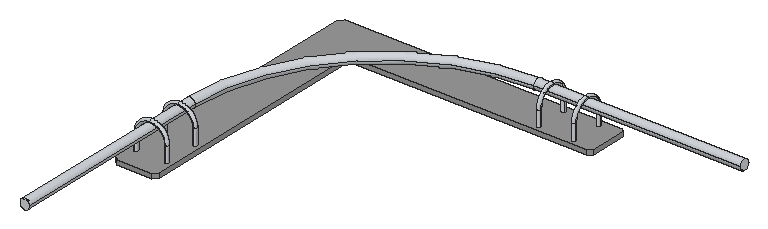
Revit family "LWplc_Latchwaysplc_FallArrestSystemGuidedAnchorLine_90degCornerSet", category Generic Models, host Face, Revit 2014
Parameters (values of type "ManSafe CFP - 90 degree Corner Set")
  WarrantyStartDate [instance] = "1900-12-31T23:59:59"
  WarrantyGuarantorParts = "n/a"
  WarrantyGuarantorLabor = "n/a"
  WarrantyDurationUnit = "year"
  WarrantyDurationParts = "n/a"
  WarrantyDurationLabor = "n/a"
  WarrantyDescription = "n/a"
  Version = "1"  # constant formula
  Uniclass2 = "80-30-25/135"
  URL = "www.latchways.com"
  Type Comments = "n/a"
  TagNumber [instance] = "n/a"
  SystemManufacturer = "Latchways plc"  # constant formula
  SystemMaintenance = "Annual service to be completed by Latchways registered installers in accordance with BS7883:2005"  # constant formula
  SustainabilityPerformance = "n/a"
  StructuralAnchors = "n/a"
  Size = "480 x 480 x 42.5 mm"
  Shape = "n/a"
  SerialNumber [instance] = "n/a"
  Revision = "n/a"
  ReplacementCost = "n/a"
  Reference = "n/a"
  ProductInformation = "www.latchways.com/BIM/65012-00_ExtendedOnePieceCornerBracket.pdf"
  PreInstallationSurvey = "Required"
  NominalWidth = 480 mm
  NominalLength = 480 mm
  NominalHeight = 42.5 mm
  Name = "FallArrestSystemGuidedAnchorLine_90degreeCornerSet_Latchwaysplc"
  NBSTypeID = "n/a"
  NBSReference = "80-50-25/110"
  NBSOfficeMasterTag = "n/a"
  NBSNote = "n/a"
  NBSDescription = "Fall arrest system - guided anchor line"
  NBSCertification = "n/a"
  ModelReference = "Constant Force Post  - 90 degree Corner Set"
  ModelNumber = "65012-00"
  Model = "65012-00"
  Material = "n/a"
  ManufacturerURL = "www.latchways.com"
  ManufacturerName = "Latchways plc"
  Manufacturer = "info@latchways.com"
  ManSafeForRoofingBrochure = "www.latchways.com/BIM/MansafeForRoofing.pdf"
  InstallationDate [instance] = "1900-12-31T23:59:59"
  IfcExportType = "IfcTransportElement"  # constant formula
  IfcExportAs = "NOTDEFINED"  # constant formula
  Grade = "n/a"
  FireExit = no
  Finish = "n/a"
  Features = "n/a"
  ExpectedLife = "n/a"
  DurationUnit = "year"
  Description = "Latchways ManSafe® for Roofing, using Constant Force posts"
  Default Elevation = 1219.2 mm
  ProductSpecification = "www.latchways.com/BIM/Latchways_Specification_ConstantForcePost.pdf"
  Constituents = "n/a"
  Color = "n/a"
  CodePerformance = "n/a"
  Category = "n/a"
  BarCode [instance] = "n/a"
  BIMObjectName = "LWplc_Latchwaysplc_FallArrestSystemGuidedAnchorLine_90degreeCornerSet"
  Author = "Latchways plc"  # constant formula
  AttachmentDeviceGuide = "www.latchways.com/BIM/Latchways_Attachment_Device_Guide.pdf"
  AssetType = "Fixed"
  AssetIdentifier [instance] = "n/a"
  Assembly Code = ""
  AncillaryEquipment = "n/a"
  AnchorLine = "n/a"
  AccessibilityPerformance = "n/a"
Reference planes
  plane 1 "Center (Front/Back)": y = 0
  plane 2: z = 0
  plane 3 "Center (Left/Right)": x = 0
  plane 4: x = 0
  plane 5: y = 0
Forms (mm)
  Extrusion 1, solid, not visible
    sketch origin (0, 0, 0) x (1, 0, 0) y (0, 1, 0)
      loop
        line (-1219.2, 1219.2) -> (-1219.2, -1219.2) -> (1219.2, -1219.2) -> (1219.2, 1219.2) -> (-1219.2, 1219.2)
    from 0 to -250
Dimensions and locks
  nested 1 to nested 1 = 480 mm  (x2)
  nested 1 to nested 1 = 325 mm  (x2)
  aligned and locked: plane 2 to Extrusion 1
  aligned and locked: level to Extrusion 1
Nested families
  nested 1: "LWplc_CFP_Corner_Element" at (0, 0, 0), type "LWplc_CFP_Corner_Element"
Definition of nested family "LWplc_CFP_Corner_Element"
  Reference planes
    plane 1 "Center (Front/Back)": y = 0
    plane 2: z = 0
    plane 3 "Center (Left/Right)": x = 0
  Forms (mm)
    Sweep 1, solid, detail levels medium+fine
      path in 3D
        loop
          line (275, -17.5, 5) -> (275, -17.5, 23)
          arc (275, -17.5, 23) -> (275, -12.374, 35.374) -> (275, 0, 40.5) r 17.5
          arc (275, 0, 40.5) -> (275, 12.374, 35.374) -> (275, 17.5, 23) r 17.5
          line (275, 17.5, 23) -> (275, 17.5, 5)
      profile origin (275, -17.5, 14) x (0, -1, 0) y (1, 0, 0)
        loop
          circle (0, 0) r 2
    Sweep 2, solid, detail levels medium+fine
      path in 3D
        loop
          line (235, -17.5, 5) -> (235, -17.5, 23)
          arc (235, -17.5, 23) -> (235, -12.374, 35.374) -> (235, 0, 40.5) r 17.5
          arc (235, 0, 40.5) -> (235, 12.374, 35.374) -> (235, 17.5, 23) r 17.5
          line (235, 17.5, 23) -> (235, 17.5, 5)
      profile origin (235, -17.5, 14) x (0, -1, 0) y (1, 0, 0)
        loop
          circle (0, 0) r 2
    Extrusion 3, solid, material "LWplc_Latchwaysplc_StainlessSteel_AISI304", detail levels medium+fine
      sketch origin (0, 0, 0) x (1, 0, 0) y (0, 1, 0)
        loop
          line (-20, 25) -> (-25, 20) -> (-25, -295) -> (-20, -300) -> (20, -300) -> (25, -295) -> (25, -25) -> (295, -25) -> (300, -20) -> (300, 20) -> (295, 25) -> (-20, 25)
      from 0 to 5
    Sweep 4, solid, detail levels medium+fine
      path in 3D
        loop
          line (17.5, -275, 5) -> (17.5, -275, 23)
          arc (17.5, -275, 23) -> (12.374, -275, 35.374) -> (0, -275, 40.5) r 17.5
          arc (0, -275, 40.5) -> (-12.374, -275, 35.374) -> (-17.5, -275, 23) r 17.5
          line (-17.5, -275, 23) -> (-17.5, -275, 5)
      profile origin (17.5, -275, 14) x (1, 0, 0) y (0, 1, 0)
        loop
          circle (0, 0) r 2
    Sweep 5, solid, detail levels medium+fine
      path in 3D
        loop
          line (17.5, -235, 5) -> (17.5, -235, 23)
          arc (17.5, -235, 23) -> (12.374, -235, 35.374) -> (0, -235, 40.5) r 17.5
          arc (0, -235, 40.5) -> (-12.374, -235, 35.374) -> (-17.5, -235, 23) r 17.5
          line (-17.5, -235, 23) -> (-17.5, -235, 5)
      profile origin (17.5, -235, 14) x (1, 0, 0) y (0, 1, 0)
        loop
          circle (0, 0) r 2
    Sweep 6, solid
      path in 3D
        loop
          line (455, 0, 35) -> (220, 0, 35)
          arc (220, 0, 35) -> (64.437, -64.437, 35) -> (0, -220, 35) r 220
          line (0, -220, 35) -> (0, -455, 35)
      profile origin (337.5, 0, 35) x (0, -1, 0) y (0, 0, 1)
        loop
          circle (0, 0) r 5.5
  Cuts and joins
    joined: Sweep 1, Sweep 2
  Lines and regions (mm)
    model lines
      curve 1: circle (0, 0, 0) r 6.5 normal (0, 0, 1)
      curve 10: line (-20, 25, 0) -> (295, 25, 0)
      curve 11: line (300, 20, 0) -> (300, -20, 0)
      curve 12: line (295, -25, 0) -> (25, -25, 0)
      curve 13: line (25, -25, 0) -> (25, -295, 0)
      curve 14: line (-25, 20, 0) -> (-25, -295, 0)
      curve 15: line (-20, -300, 0) -> (20, -300, 0)
      curve 16: line (-20, -300, 0) -> (-25, -295, 0)
      curve 17: line (20, -300, 0) -> (25, -295, 0)
      curve 18: line (300, 20, 0) -> (295, 25, 0)
      curve 19: line (300, -20, 0) -> (295, -25, 0)
      curve 20: line (-20, 25, 0) -> (-25, 20, 0)
      curve 35: circle (0, 0, 5) r 6.5 normal (0, 0, 1)
    sketch lines
      curve 2: line (275, -17.5, 5) -> (275, -17.5, 23)
      curve 3: arc (275, 0, 40.5) -> (275, -12.374, 35.374) -> (275, -17.5, 23) r 17.5
      curve 4: arc (275, 0, 40.5) -> (275, 12.374, 35.374) -> (275, 17.5, 23) r 17.5
      curve 5: line (275, 17.5, 23) -> (275, 17.5, 5)
      curve 6: line (235, -17.5, 5) -> (235, -17.5, 23)
      curve 7: arc (235, 0, 40.5) -> (235, -12.374, 35.374) -> (235, -17.5, 23) r 17.5
      curve 8: arc (235, 0, 40.5) -> (235, 12.374, 35.374) -> (235, 17.5, 23) r 17.5
      curve 9: line (235, 17.5, 23) -> (235, 17.5, 5)
      curve 21: line (17.5, -275, 5) -> (17.5, -275, 23)
      curve 22: arc (0, -275, 40.5) -> (12.374, -275, 35.374) -> (17.5, -275, 23) r 17.5
      curve 23: arc (0, -275, 40.5) -> (-12.374, -275, 35.374) -> (-17.5, -275, 23) r 17.5
      curve 24: line (-17.5, -275, 23) -> (-17.5, -275, 5)
      curve 25: line (17.5, -235, 5) -> (17.5, -235, 23)
      curve 26: arc (0, -235, 40.5) -> (12.374, -235, 35.374) -> (17.5, -235, 23) r 17.5
      curve 27: arc (0, -235, 40.5) -> (-12.374, -235, 35.374) -> (-17.5, -235, 23) r 17.5
      curve 28: line (-17.5, -235, 23) -> (-17.5, -235, 5)
      curve 31: line (455, 0, 35) -> (220, 0, 35)
      curve 32: arc (220, 0, 35) -> (64.437, -64.437, 35) -> (0, -220, 35) r 220
      curve 33: line (0, -220, 35) -> (0, -455, 35)
    reference lines
      curve 29: circle (455, 0, 35) r 5.5 normal (1, 0, 0)
    model lines, detail levels medium+fine
      curve 30: circle (455, 0, 35) r 4 normal (1, 0, 0)
      curve 34: circle (0, -455, 35) r 4 normal (0, -1, 0)
  Dimensions and locks
    aligned and locked: level to plane 2
